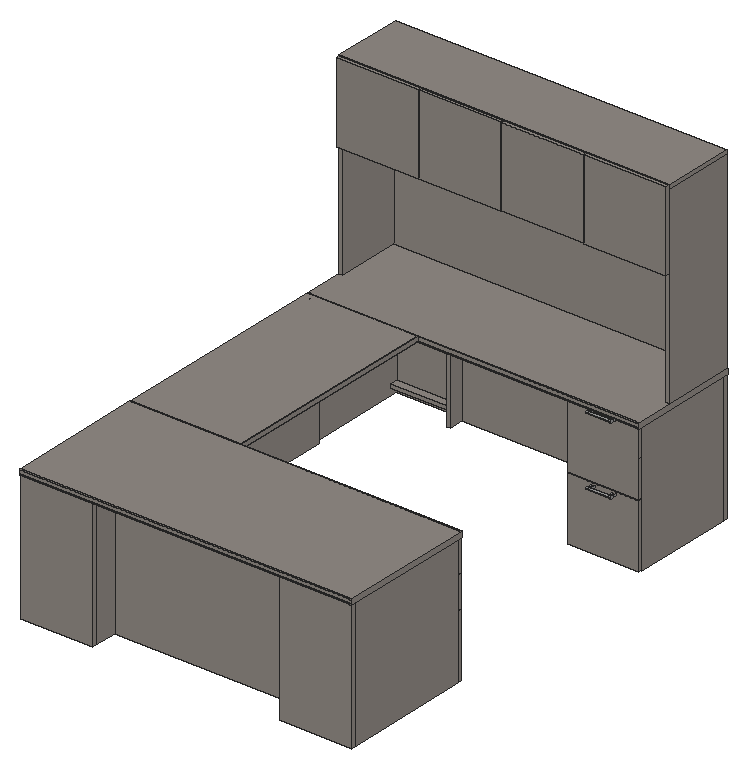
Revit family "JSI-Vision-Typical_Veneer-VSV119", category Furniture, Revit 2020
Family settings
  OmniClass Number = 23.40.20.00
  OmniClass Title = General Furniture and Specialties
  Work Plane-Based = No
  Always vertical = Yes
  Cut with Voids When Loaded = No
  Shared = No
  Room Calculation Point = No
Parameters (values of type "VSV119")
  URL = "www.jsifurniture.com"
  Type Comments = "Typical Veneer"  # constant formula
  Model = "VSV119"
  Manufacturer = "JSI"  # constant formula
  Keynote = "12500"
  Default Elevation = 0"
  Assembly Code = "E2020200"
Reference planes (in)
  plane 1 "Center Front/Back": y = 0
  plane 2: z = 0
  plane 3 "Center Left/Right": x = 0
Dimensions and locks (in)
  aligned and locked: level to plane 2
Nested families (in)
  nested 1: "JSI-Vision-Overhead_Cabinets" at (0, 0, -0.813), type "VSV1672SO, Veneer OH Cab. 16" x 72", 4 Doors"
    with Verticall Partition Distance 35 3/4", Unit Centre 36", Width 72", Door Width Actual 17 25/32", Door Array Spacing 17 29/32", Door Width 17 25/32", # of Doors 4
  nested 2: "JSI-Vision-File_File_Credenza" at (36.06413, -10.75, 0), type "VSV2472RC, Veneer 24 x 72 FF Ped Credenza Right"
    with Width 72", Panel R 23 1/16", Panel L 23 3/4", Panel FF 56 1/4", LR no, Height 30", Grommet angle 270.00°, Panel B 15", Grommet 56 79/128", Depth chassis 24", Depth 24", FF 56 5/16"
  nested 3: "JSI-Vision-Single_Pedestal_Desk-Break_Front_Modesty" at (35.93587, -91.25, 0) x (-1, 0, 0) z (0, 0, 1), type "VSV3072LD, Veneer 30 x 72 Left Ped Desk, Brk Frnt Modesty"
    with Width 72", Height 29.187", Panel FF 56 1/4"
  nested 4: "JSI-Vision-Bridge_Modesty_Panel" at (0, -72, 0) x (0, 1, 0) z (0, 0, 1), type "VSV2448EB, Bridge w/Modesty Panel 24"d x 48"w"
Definition of nested family "JSI-Vision-Overhead_Cabinets"
  Parameters (values of type "Overhead Cab. Doors - Type Catalog Family")
    Verticall Partition Distance = (Door Width * 2) + 3/16"  # 29 13/16"
    Unit Centre = Width / 2  # 45"
    Top = none
    Width = 90"
    URL = "www.jsifurniture.com"
    Type Comments = ""
    Tag = "6 Doors"
    Series = "Vision Casegoods"  # constant formula
    Right Vertical Partition = yes
    Overhead Height = 26 1/2"
    OH Elevation = 30"
    Model = "Type Catalog"
    Material = ""
    Manufacturer = "JSI"  # constant formula
    Left Vertical Partition = yes
    Keynote = "12500"  # constant formula
    JSI Enviromental Website = "http://www.jsifurniture.com/jsi_sustainability_intro.php"
    Height = 42"
    Grommet Finish = none
    Gromett Height = OH Elevation + 24 5/8"  # 54 5/8"
    Door Width Actual = if(# of Doors > 4, ((Width - 1 1/8") / # of Doors), if(# of Doors > 3, (((Width - 1 1/8") / # of Doors) + 1/16"), if(# of Doors > 2, (((Width - 1 1/8") / # of Doors) + 1/8"), (((Width - 1 1/8") / # of Doors) + 1/4"))))  # 14 13/16"
    Door Array Spacing = Door Width + 1/8"  # 14 15/16"
    Door Width = Door Width Actual  # 14 13/16"
    Door Front = none
    Description = "Type Catalog"
    Depth = 16"
    Default Elevation = 0"
    Chassis = none
    Assembly Code = "E2020200"
    # of Doors = if(Width > 89", 6, (if(Width > 53", 4, (if(Width > 41", 3, (if(Width > 30", 2, 2)))))))  # 6
  Reference planes (in)
    plane 1 "Center Front/Back": y = 0
    plane 2: z = 0
    plane 3 "Center Left/Right": x = 0
    plane 4 "a": z = 0
    plane 5: y = -0.125
    plane 6: x = 90
    plane 7: x = 0.125
    plane 8: x = 89.875
    plane 9: y = -15.5625
    plane 10: y = -16
    plane 11: z = 72.5
    plane 12: z = 72
    plane 13: x = 0.875
    plane 14: x = 89.125
    plane 15: y = -0.875
    plane 16: y = -0.9375
    plane 17: y = -1.6875
    plane 18: z = 71.75
    plane 19: z = 56.5
    plane 20: z = 57.25
    plane 21: z = 55
    plane 22: y = -14.8125
    plane 23: y = -14.0625
    plane 24: x = 0.25
    plane 25: x = 89.75
    plane 26: z = 72.4375
    plane 27: z = 55.1875
    plane 28: y = -15.6875
    plane 29: y = -16.4375
    plane 30: x = 45
    plane 31: x = 30.0625
    plane 32: x = 59.9375
    plane 33: x = 29.6875
    plane 34: x = 30.4375
    plane 35: x = 59.5625
    plane 36: x = 60.3125
    plane 37 "Not a Reference": x = 6.875
    plane 38: x = 83.125
    plane 39: z = 30
  Forms (in)
    Extrusion 1, solid, material <- "Chassis"
      sketch origin (0, 0, 0) x (1, 0, 0) y (0, 1, 0)
        loop
          line (0.125, -0.125) -> (0.125, -15.5625) -> (0.875, -15.5625) -> (0.875, -0.125) -> (0.125, -0.125)
      from 30 to 71.75
    Extrusion 2, solid, material <- "Chassis"
      sketch origin (0, 0, 0) x (1, 0, 0) y (0, 1, 0)
        loop
          line (89.875, -0.125) -> (89.125, -0.125) -> (89.125, -15.5625) -> (89.875, -15.5625) -> (89.875, -0.125)
      from 30 to 71.75
    Extrusion 3, solid, material <- "Door Front"
      sketch origin (0, 0, 0) x (1, 0, 0) y (0, 0, 1)
        loop
          line (0.125, 72.5) -> (0.125, 71.75) -> (89.875, 71.75) -> (89.875, 72.5) -> (0.125, 72.5)
      from 0.125 to 15.5625
    Extrusion 4, solid, material <- "Chassis"
      sketch origin (0, 0, 0) x (1, 0, 0) y (0, 0, 1)
        loop
          line (0.875, 57.25) -> (0.875, 56.5) -> (89.125, 56.5) -> (89.125, 57.25) -> (0.875, 57.25)
      from 1.6875 to 15.5625
    Extrusion 5, solid, material <- "Chassis"
      sketch origin (0, 0, 0) x (1, 0, 0) y (0, 1, 0)
        loop
          line (0.875, -14.0625) -> (0.875, -14.8125) -> (89.125, -14.8125) -> (89.125, -14.0625) -> (0.875, -14.0625)
      from 55 to 56.5
    Extrusion 6, solid, material <- "Door Front"
      sketch origin (-3, 0, 18) x (1, 0, 0) y (0, 1, 0)
        loop
          line (3.25, -15.6875) -> (3.25, -16.4375) -> (18.0625, -16.4375) -> (18.0625, -15.6875) -> (3.25, -15.6875)
      from 37.1875 to 54.4375
    Extrusion 7, solid, material <- "Door Front"
      sketch origin (11.9375, 0, 18) x (1, 0, 0) y (0, 1, 0)
        loop
          line (3.25, -15.6875) -> (3.25, -16.4375) -> (18.0625, -16.4375) -> (18.0625, -15.6875) -> (3.25, -15.6875)
      from 37.1875 to 54.4375
    Extrusion 8, solid, material <- "Chassis", visible <- "Left Vertical Partition"
      sketch origin (0, 0, 0) x (1, 0, 0) y (0, 1, 0)
        loop
          line (29.6875, -1.6875) -> (29.6875, -15.5625) -> (30.4375, -15.5625) -> (30.4375, -1.6875) -> (29.6875, -1.6875)
      from 57.25 to 71.75
    Extrusion 9, solid, material <- "Chassis", visible <- "Right Vertical Partition"
      sketch origin (0, 0, 0) x (1, 0, 0) y (0, 1, 0)
        loop
          line (59.5625, -1.6875) -> (59.5625, -15.5625) -> (60.3125, -15.5625) -> (60.3125, -1.6875) -> (59.5625, -1.6875)
      from 57.25 to 71.75
    Extrusion 10, solid, material <- "Chassis"
      sketch origin (130.61992, -0.9375, 48) x (1, 0, 0) y (0, 0, 1)
        loop
          line (-129.74492, 23.75) -> (-129.74492, -18) -> (-41.49492, -18) -> (-41.49492, 23.75) -> (-129.74492, 23.75)
        loop
          circle (-120.11946, 7.90657) r 0.33443
        loop
          circle (-51.12039, 7.90657) r 0.33443
      from 0 to 0.75
    Extrusion 11, solid, material <- "Door Front"
      sketch origin (26.875, 0, 18) x (1, 0, 0) y (0, 1, 0)
        loop
          line (3.25, -15.6875) -> (3.25, -16.4375) -> (18.0625, -16.4375) -> (18.0625, -15.6875) -> (3.25, -15.6875)
      from 37.1875 to 54.4375
    Extrusion 12, solid, material <- "Door Front"
      sketch origin (41.8125, 0, 18) x (1, 0, 0) y (0, 1, 0)
        loop
          line (3.25, -15.6875) -> (3.25, -16.4375) -> (18.0625, -16.4375) -> (18.0625, -15.6875) -> (3.25, -15.6875)
      from 37.1875 to 54.4375
    Extrusion 13, solid, material <- "Door Front"
      sketch origin (56.75, 0, 18) x (1, 0, 0) y (0, 1, 0)
        loop
          line (3.25, -15.6875) -> (3.25, -16.4375) -> (18.0625, -16.4375) -> (18.0625, -15.6875) -> (3.25, -15.6875)
      from 37.1875 to 54.4375
    Extrusion 14, solid, material <- "Door Front"
      sketch origin (71.6875, 0, 18) x (1, 0, 0) y (0, 1, 0)
        loop
          line (3.25, -15.6875) -> (3.25, -16.4375) -> (18.0625, -16.4375) -> (18.0625, -15.6875) -> (3.25, -15.6875)
      from 37.1875 to 54.4375
  Lines and regions (in)
    symbolic lines
      curve 1: line (0.125, -0.125, 0) -> (0.125, -15.5625, 0)
      curve 2: line (89.875, -0.125, 0) -> (0.125, -0.125, 0)
      curve 3: line (0.125, -15.5625, 0) -> (89.875, -15.5625, 0)
      curve 4: line (89.875, -15.5625, 0) -> (89.875, -0.125, 0)
      curve 5: line (0.25, -15.6875, 0) -> (15.0625, -15.6875, 0)
      curve 6: line (0.25, -16.4375, 0) -> (0.25, -15.6875, 0)
      curve 7: line (15.0625, -16.4375, 0) -> (0.25, -16.4375, 0)
      curve 8: line (15.0625, -15.6875, 0) -> (15.0625, -16.4375, 0)
      curve 9: line (15.1875, -15.6875, 0) -> (30, -15.6875, 0)
      curve 10: line (15.1875, -16.4375, 0) -> (15.1875, -15.6875, 0)
      curve 11: line (30, -16.4375, 0) -> (15.1875, -16.4375, 0)
      curve 12: line (30, -15.6875, 0) -> (30, -16.4375, 0)
      curve 13: line (30.125, -15.6875, 0) -> (44.9375, -15.6875, 0)
      curve 14: line (30.125, -16.4375, 0) -> (30.125, -15.6875, 0)
      curve 15: line (44.9375, -16.4375, 0) -> (30.125, -16.4375, 0)
      curve 16: line (44.9375, -15.6875, 0) -> (44.9375, -16.4375, 0)
      curve 17: line (45.0625, -15.6875, 0) -> (59.875, -15.6875, 0)
      curve 18: line (45.0625, -16.4375, 0) -> (45.0625, -15.6875, 0)
      curve 19: line (59.875, -16.4375, 0) -> (45.0625, -16.4375, 0)
      curve 20: line (59.875, -15.6875, 0) -> (59.875, -16.4375, 0)
      curve 21: line (60, -15.6875, 0) -> (74.8125, -15.6875, 0)
      curve 22: line (60, -16.4375, 0) -> (60, -15.6875, 0)
      curve 23: line (74.8125, -16.4375, 0) -> (60, -16.4375, 0)
      curve 24: line (74.8125, -15.6875, 0) -> (74.8125, -16.4375, 0)
      curve 25: line (74.9375, -15.6875, 0) -> (89.75, -15.6875, 0)
      curve 26: line (74.9375, -16.4375, 0) -> (74.9375, -15.6875, 0)
      curve 27: line (89.75, -16.4375, 0) -> (74.9375, -16.4375, 0)
      curve 28: line (89.75, -15.6875, 0) -> (89.75, -16.4375, 0)
  Dimensions and locks (in)
    plane 3 "Center Left/Right" to plane 7 to plane 24 = 1/8" locked, 1/8" locked
    plane 25 to plane 8 to plane 6 = 1/8" locked, 1/8" locked
    locked: plane 5 to plane 1 "Center Front/Back" at 0.125
    plane 10 to plane 9 to plane 22 to plane 23 = 7/16" locked, 3/4" locked, 3/4" locked
    "Width": plane 3 "Center Left/Right" to plane 6
    "Depth": plane 10 to plane 1 "Center Front/Back"
    locked: plane 11 to plane 12 at 0.5
    locked: plane 7 to plane 13 at 0.75
    locked: plane 14 to plane 8 at 0.75
    locked: plane 15 to plane 5 at 0.75
    plane 17 to plane 16 to plane 5 = 3/4" locked, 13/16" locked
    locked: plane 11 to plane 18 at 0.75
    plane 20 to plane 19 to plane 21 = 3/4" locked, 1 1/2" locked
    plane 18 to plane 20 = 14 1/2"
    locked: plane 11 to plane 26 at 0.0625
    locked: plane 27 to plane 21 at 0.1875
    plane 29 to plane 28 to plane 9 = 3/4" locked, 1/8" locked
    "Door Width": Extrusion 6 sketch curve to Extrusion 6 sketch curve
    "Door Width": Extrusion 7 sketch curve to Extrusion 7 sketch curve
    equal spacing: group 1, group 2, group 3, group 4, group 5, group 6  (x3)
    "Door Array Spacing": Extrusion 6 to Extrusion 7
    "Verticall Partition Distance": plane 24 to plane 31
    plane 33 to plane 31 to plane 34 = 3/8" locked, 3/8" locked
    plane 35 to plane 32 to plane 36 = 3/8" locked, 3/8" locked
    "Verticall Partition Distance": plane 32 to plane 25
    "Unit Centre": plane 3 "Center Left/Right" to plane 30
    locked: plane 13 to plane 37 "Not a Reference" at 6
    locked: plane 38 to plane 14 at 6
    "Door Width": Extrusion 11 sketch curve to Extrusion 11 sketch curve
    "Door Width": Extrusion 12 sketch curve to Extrusion 12 sketch curve
    "OH Elevation": plane 39 to plane 4 "a"
    "Height": plane 12 to plane 39
    "Overhead Height": plane 19 to plane 39
    "Door Width": Extrusion 13 sketch curve to Extrusion 13 sketch curve
    "Door Width": Extrusion 14 sketch curve to Extrusion 14 sketch curve
    locked: Extrusion 10 sketch curve to Extrusion 10 sketch curve at 9.62546  (x2)
    locked: Extrusion 10 sketch curve to Extrusion 10 sketch curve at 15.84343  (x2)
    aligned and locked: level to plane 2
    aligned and locked: plane 5 to Extrusion 1 sketch curve
    aligned and locked: plane 7 to Extrusion 1 sketch curve
    aligned and locked: Extrusion 1 sketch curve to plane 13
    aligned and locked: Extrusion 2 sketch curve to plane 5
    aligned and locked: plane 8 to Extrusion 2 sketch curve
    aligned and locked: Extrusion 2 sketch curve to plane 14
    aligned and locked: Extrusion 3 sketch curve to plane 11
    aligned and locked: plane 7 to Extrusion 3 sketch curve
    aligned and locked: Extrusion 3 to plane 5
    aligned and locked: plane 9 to Extrusion 1
    aligned and locked: plane 9 to Extrusion 2
    aligned and locked: plane 9 to Extrusion 3
    aligned and locked: Extrusion 4 sketch curve to plane 20
    aligned and locked: plane 13 to Extrusion 4 sketch curve
    aligned and locked: plane 19 to Extrusion 4 sketch curve
    aligned and locked: Extrusion 4 sketch curve to plane 14
    aligned and locked: Extrusion 4 to plane 17
    aligned and locked: plane 9 to Extrusion 4
    aligned and locked: plane 23 to Extrusion 5 sketch curve
    aligned and locked: plane 13 to Extrusion 5 sketch curve
    aligned and locked: Extrusion 5 sketch curve to plane 22
    aligned and locked: Extrusion 5 sketch curve to plane 14
    aligned and locked: plane 19 to Extrusion 5
    aligned and locked: Extrusion 5 to plane 21
    aligned and locked: plane 26 to Extrusion 6
    aligned and locked: Extrusion 6 to plane 24
    aligned and locked: plane 17 to Extrusion 8 sketch curve
    aligned and locked: plane 33 to Extrusion 8 sketch curve
    aligned and locked: Extrusion 8 sketch curve to plane 9
    aligned and locked: Extrusion 8 sketch curve to plane 34
    aligned and locked: plane 17 to Extrusion 9 sketch curve
    aligned and locked: plane 35 to Extrusion 9 sketch curve
    aligned and locked: Extrusion 9 sketch curve to plane 9
    aligned and locked: Extrusion 9 sketch curve to plane 36
    aligned and locked: plane 18 to Extrusion 8
    aligned and locked: Extrusion 8 to plane 20
    aligned and locked: plane 18 to Extrusion 9
    aligned and locked: Extrusion 9 to plane 20
    aligned and locked: Extrusion 1 to Extrusion 10 sketch curve
    aligned and locked: Extrusion 10 sketch curve to Extrusion 1
    aligned and locked: Extrusion 2 to Extrusion 10 sketch curve
    aligned and locked: Extrusion 10 to plane 16
    aligned and locked: plane 17 to Extrusion 10
    aligned and locked: plane 30 to nested 1
    aligned and locked: plane 29 to nested 1
    aligned and locked: plane 26 to Extrusion 7
    aligned and locked: plane 18 to Extrusion 1
    aligned and locked: plane 18 to Extrusion 2
    aligned and locked: Extrusion 6 to plane 27
    aligned and locked: curve 1 to Extrusion 3
    aligned and locked: curve 2 to Extrusion 3
    aligned and locked: curve 3 to Extrusion 3
    aligned and locked: curve 4 to Extrusion 3
    aligned and locked: Extrusion 1 to plane 39
    aligned and locked: Extrusion 2 to plane 39
    aligned and locked: curve 5 to Extrusion 6
    aligned and locked: curve 6 to Extrusion 6
    aligned and locked: curve 7 to Extrusion 6
    aligned and locked: curve 8 to Extrusion 6
    aligned and locked: curve 9 to Extrusion 7
    aligned and locked: curve 10 to Extrusion 7
    aligned and locked: curve 11 to Extrusion 7
    aligned and locked: curve 12 to Extrusion 7
    aligned and locked: curve 13 to Extrusion 11
    aligned and locked: curve 14 to Extrusion 11
    aligned and locked: curve 15 to Extrusion 11
    aligned and locked: curve 16 to Extrusion 11
    aligned and locked: curve 17 to Extrusion 12
    aligned and locked: curve 18 to Extrusion 12
    aligned and locked: curve 19 to Extrusion 12
    aligned and locked: curve 20 to Extrusion 12
    aligned and locked: curve 21 to Extrusion 13
    aligned and locked: curve 22 to Extrusion 13
    aligned and locked: curve 23 to Extrusion 13
    aligned and locked: curve 24 to Extrusion 13
    aligned and locked: curve 25 to Extrusion 14
    aligned and locked: curve 26 to Extrusion 14
    aligned and locked: curve 27 to Extrusion 14
    aligned and locked: curve 28 to Extrusion 14
  Automatic sketch dimensions
    Extrusion 1 sketch curve to plane 10 = 7/16"
    Extrusion 3 sketch curve to plane 8 = 0"
    Extrusion 3 sketch curve to plane 18 = 0"
    plane 9 to Extrusion 2 sketch curve = 0"
    Extrusion 6 sketch curve to Extrusion 6 sketch curve = 3/4"
    Extrusion 7 sketch curve to Extrusion 7 sketch curve = 3/4"
    Extrusion 11 sketch curve to Extrusion 11 sketch curve = 3/4"
    Extrusion 12 sketch curve to Extrusion 12 sketch curve = 3/4"
    curve 6 to curve 7 = 14 13/16"
    curve 6 to curve 6 = 3/4"
    curve 10 to curve 11 = 14 13/16"
    curve 10 to curve 10 = 3/4"
    curve 14 to curve 15 = 14 13/16"
    curve 14 to curve 14 = 3/4"
    curve 18 to curve 19 = 14 13/16"
    curve 18 to curve 18 = 3/4"
    Extrusion 13 sketch curve to Extrusion 13 sketch curve = 3/4"
    curve 22 to curve 23 = 14 13/16"
    curve 22 to curve 22 = 3/4"
    Extrusion 14 sketch curve to Extrusion 14 sketch curve = 3/4"
    curve 26 to curve 27 = 14 13/16"
    curve 26 to curve 26 = 3/4"
    Extrusion 10 sketch curve to plane 39 = 0"
    radius of Extrusion 10 sketch curve = 0.33443"  (x2)
  Nested families (in)
    nested 1: "Label 1-16 OH" at (45, -16.4375, 0), type "OH DOORS"
  Definition of nested family "Label 1-16 OH"
    Parameters
      Width = 1"
      Model Name = "XX"
    Reference planes (in)
      plane 1: y = 0
      plane 2: x = 0
    Text (in)
      label "XX" at (0.00051, -0.12324, 0), shows "Model Name"
Definition of nested family "JSI-Vision-File_File_Credenza"
  Parameters (values of type "Type Catalog")
    Worksurface = none
    Width = 60"
    URL = "www.jsifurniture.com"
    Type Comments = ""
    Tag = "FF"  # constant formula
    Series = "Vision Casegoods"  # constant formula
    Pull Finish = none
    Panel R = if(LR, Depth - 1/4", Depth - 15/16")  # 19 3/4"
    Panel L = if(LR, Depth - 15/16", Depth - 1/4")  # 19 1/16"
    Panel FF = if(LR, 15", Width - 15 3/4")  # 15"
    Model = "Type Catalog"
    Material = ""
    Manufacturer = "JSI"  # constant formula
    LR = yes
    Keynote = "12500"
    JSI Enviromental Website = "http://www.jsifurniture.com/jsi_sustainability_intro.php"
    Height = 29 3/16"
    Grommet angle = if(LR, 90.00°, 270.00°)  # 90.00°
    Grommet Finish = none
    Panel B = if(LR, Width - 15 3/4", 15")  # 44 1/4"
    Grommet = if(LR, 14 1/2", Width - 15 49/128")  # 14 1/2"
    Drawer Front = none
    Description = "Type Catalog"
    Depth chassis = Depth  # 20"
    Depth = 20"
    Default Elevation = 0"
    Chassis = none
    FF = if(LR, 3/16", Width - 15 3/4" + 1/16")  # 3/16"
    Assembly Code = "E2020200"
  Reference planes (in)
    plane 1: z = 0
    plane 2 "Center (Left/Right)": x = -36.06413
    plane 3: z = 29.1875
    plane 4: z = 28
    plane 5: y = -9.25
    plane 6 "Center (Front/Back)": y = 10.75
    plane 7: y = 10.625
    plane 8: y = 10.75
    plane 9: x = -6.06413
    plane 10: x = 23.93587
    plane 11: y = 10.56003
    plane 12: x = -20.31413
    plane 13: x = 8.18587
    plane 14: y = -8.37
    plane 15: x = 15.93587
    plane 16: x = -28.12663
    plane 17: x = 23.81086
    plane 18: x = -35.93913
    plane 19: y = 8.875
    plane 20: y = 4.875
    plane 21: y = 9.8125
    plane 22: y = -8.31113
    plane 23: x = 8.18587
    plane 24: x = -35.87663
    plane 25: x = -20.37636
    plane 26: x = 23.68487
    plane 27: x = -21.56413
    plane 28: y = 6.875
    plane 29: y = -9
    plane 30: y = -8.3125
  Forms (in)
    Extrusion 1, solid, material <- "Worksurface"
      sketch origin (0, 0, -0.8125) x (1, 0, 0) y (0, 1, 0)
        loop
          line (-36.06413, -9.125) -> (23.93587, -9.125) -> (23.93587, 10.625) -> (-36.06413, 10.625) -> (-36.06413, -9.125)
      from 28.8125 to 30
    Extrusion 2, solid, material <- "Drawer Front"
      sketch origin (-0.00163, 0.13, 0) x (1, 0, 0) y (0, 0, 1)
        loop
          line (-35.875, 27.875) -> (-35.875, 21.26593) -> (-35.875, 14.062) -> (-20.37473, 14.062) -> (-20.37473, 21.26593) -> (-20.37473, 27.875) -> (-35.875, 27.875)
        loop
          line (-35.875, 13.937) -> (-35.875, 0.14) -> (-20.37473, 0.14) -> (-20.37473, 13.937) -> (-35.875, 13.937)
      from 8.5 to 9.25
    Extrusion 3, solid, material <- "Chassis"
      sketch origin (-0.06413, 0, 0) x (0, 1, 0) y (0, 0, 1)
        loop
          line (-8.3125, 28) -> (-8.3125, 0) -> (9.81003, 0) -> (9.81003, 28) -> (-8.3125, 28)
      from -35.875 to -35.125
    Extrusion 4, solid, material <- "Chassis"
      sketch origin (-0.06413, 0.034, 0) x (1, 0, 0) y (0, 0, 1)
        loop
          line (-35.125, 1.9375) -> (-35.125, 0) -> (-21, 0) -> (-21, 1.9375) -> (-35.125, 1.9375)
      from 7.59513 to 8.34513
    Extrusion 5, solid, material <- "Chassis"
      sketch origin (-0.06029, 0, 0) x (0, 1, 0) y (0, 0, -1)
        loop
          line (-9, -28) -> (9.8125, -28) -> (9.8125, 0) -> (-9, 0) -> (-9, -28)
      from -23.87116 to -23.12116
    Sweep 6, solid, material <- "Worksurface"
      path in 3D
        loop
          line (-36.06413, -9.125, 29.1875) -> (23.93587, -9.125, 29.1875)
      profile origin (-6.06413, -9.125, 29.1875) x (0, 1, 0) y (0, 0, 1)
        loop
          arc (0, 0) -> (-0.08839, -0.03661) -> (-0.125, -0.125) r 0.125
          line (-0.125, -0.125) -> (-0.125, -1.0625)
          arc (-0.125, -1.0625) -> (-0.08839, -1.15089) -> (0, -1.1875) r 0.125
          line (0, -1.1875) -> (0, 0)
    Extrusion 7, solid, material <- "Chassis"
      sketch origin (-0.06413, 28.15516, 0) x (1, 0, 0) y (0, 0, 1)
        loop
          line (-35.875, 28) -> (-35.875, 0) -> (-20.25, 0) -> (-20.25, 28) -> (-35.875, 28)
      from 17.59513 to 18.34266
    Extrusion 8, solid, material <- "Chassis"
      sketch origin (57.45899, 0, 0) x (0, 1, 0) y (0, 0, -1)
        loop
          line (-8.31113, -28) -> (9.8125, -28) -> (9.8125, 0) -> (-8.31113, 0) -> (-8.31113, -28)
      from 77.77312 to 78.52312
    Extrusion 9, solid, material <- "Chassis"
      sketch origin (-0.06413, 28.15516, 0) x (-1, 0, 0) y (0, 0, -1)
        loop
          line (-23.875, -28) -> (-8.25, -28) -> (-8.25, 0) -> (-23.875, 0) -> (-23.875, -28)
      from 17.59513 to 18.34266
    Sweep 10, solid, material <- "Worksurface"
      path in 3D
        loop
          line (23.93587, 10.625, 29.1875) -> (-36.06413, 10.625, 29.1875)
      profile origin (-6.06413, 10.625, 29.1875) x (0, -1, 0) y (0, 0, 1)
        loop
          arc (0, 0) -> (-0.08839, -0.03661) -> (-0.125, -0.125) r 0.125
          line (-0.125, -0.125) -> (-0.125, -1.0625)
          arc (-0.125, -1.0625) -> (-0.08839, -1.15089) -> (0, -1.1875) r 0.125
          line (0, -1.1875) -> (0, 0)
    Extrusion 11, solid, material <- "Chassis"
      sketch origin (0, 0, 0) x (1, 0, 0) y (0, 0, 1)
        loop
          line (8.93587, 2.5) -> (8.93587, 1.75) -> (23.06086, 1.75) -> (23.06086, 2.5) -> (8.93587, 2.5)
      from -9.8125 to -7.9375
    Extrusion 12, solid, material <- "Chassis"
      sketch origin (0, 0, 0) x (0, 1, 0) y (0, 0, 1)
        loop
          line (9.8125, 28) -> (5.875, 28) -> (5.875, 0) -> (9.8125, 0) -> (9.8125, 28)
      from 8.18587 to 8.93587
    Extrusion 13, solid, material <- "Chassis"
      sketch origin (-12.12827, 0, 0) x (-1, 0, 0) y (0, 0, -1)
        loop
          line (8.93587, -2.5) -> (23.06086, -2.5) -> (23.06086, -1.75) -> (8.93587, -1.75) -> (8.93587, -2.5)
      from -9.8125 to -7.9375
    Extrusion 14, solid, material <- "Chassis"
      sketch origin (0, 0.03248, 0) x (1, 0, 0) y (0, 0, 1)
        loop
          line (-6.49921, 28) -> (-20.31413, 28) -> (-20.31413, 0) -> (8.18587, 0) -> (8.18587, 28) -> (-6.49921, 28)
      from -9.78002 to -9.03002
  Cuts and joins
    joined: Extrusion 1, Sweep 6, Sweep 10
  Lines and regions (in)
    sketch lines
      curve 1: line (-36.06413, -9.125, 29.1875) -> (23.93587, -9.125, 29.1875)
      curve 10: line (23.93587, 10.625, 29.1875) -> (-36.06413, 10.625, 29.1875)
    symbolic lines
      curve 2: line (23.93587, -9.25, 0) -> (-36.06413, -9.25, 0)
      curve 3: line (23.93587, -9.25, 0) -> (23.93587, 10.75, 0)
      curve 4: line (-36.06413, 10.75, 0) -> (-36.06413, -9.25, 0)
      curve 5: line (-20.31413, 10.56003, 0) -> (-35.93913, 10.56003, 0)
      curve 6: line (-20.37636, -8.37, 0) -> (-35.87663, -8.37, 0)
      curve 7: line (-20.37636, -9.12, 0) -> (-20.37636, -8.37, 0)
      curve 8: line (-35.87663, -9.12, 0) -> (-20.37636, -9.12, 0)
      curve 9: line (-35.87663, -8.37, 0) -> (-35.87663, -9.12, 0)
      curve 11: line (-36.06413, 10.75, 0) -> (23.93587, 10.75, 0)
      curve 12: line (-20.31413, -8.31113, 0) -> (-20.31413, 9.8125, 0)
      curve 13: line (-21.06413, -8.31113, 0) -> (-20.31413, -8.31113, 0)
      curve 14: line (23.81086, 10.56003, 0) -> (8.18587, 10.56003, 0)
      curve 15: line (8.18587, 10.56003, 0) -> (8.18587, 9.8125, 0)
      curve 16: line (8.18587, 9.8125, 0) -> (8.18587, 5.875, 0)
      curve 17: line (8.18587, 5.875, 0) -> (8.93587, 5.875, 0)
      curve 18: line (8.93587, 5.875, 0) -> (8.93587, 9.8125, 0)
      curve 19: line (-35.93913, -8.3125, 0) -> (-35.18913, -8.3125, 0)
      curve 20: line (-35.18913, -8.3125, 0) -> (-35.18913, 9.8125, 0)
      curve 21: line (-35.93913, 10.56003, 0) -> (-35.93913, -8.3125, 0)
      curve 22: line (23.06086, 9.8125, 0) -> (23.06086, -9, 0)
      curve 23: line (23.81086, -9, 0) -> (23.81086, 10.56003, 0)
      curve 24: line (23.06086, -9, 0) -> (23.81086, -9, 0)
      curve 25: line (-20.31413, 9.8125, 0) -> (-20.31413, 10.56003, 0)
      curve 26: line (-21.06413, 9.8125, 0) -> (-21.06413, -8.31113, 0)
      curve 27: line (23.81086, 9.8125, 0) -> (-35.93913, 9.8125, 0)
  Dimensions and locks (in)
    "Height": plane 3 to level
    locked: plane 3 to plane 4 at 1.1875
    "Depth": plane 6 "Center (Front/Back)" to plane 5
    locked: plane 7 to plane 6 "Center (Front/Back)" at 0.125
    equal spacing: plane 2 "Center (Left/Right)", plane 9, plane 10
    "Width": plane 2 "Center (Left/Right)" to plane 10
    locked: plane 8 to plane 11 at 0.18997
    "Depth chassis": plane 8 to plane 5
    locked: plane 2 "Center (Left/Right)" to plane 12 at 15.75
    locked: plane 13 to plane 10 at 15.75
    locked: Extrusion 4 to plane 14 at 0.80887
    locked: plane 14 to plane 5 at 0.88
    locked: plane 17 to plane 10 at 0.125
    locked: Extrusion 5 to Extrusion 5 at 0.75
    locked: Extrusion 3 to Extrusion 3 at 0.75
    locked: plane 19 to plane 20 at 4
    plane 22 to plane 5 = 0.93887"
    locked: plane 8 to plane 21 at 0.9375
    "Panel B": plane 2 "Center (Left/Right)" to plane 23
    locked: plane 23 to plane 15 at 7.75
    "FF": plane 2 "Center (Left/Right)" to plane 24
    locked: Extrusion 4 to Extrusion 4 at 0.75
    locked: plane 24 to plane 16 at 7.75
    locked: Extrusion 2 to Extrusion 2 at 0.75
    plane 8 to plane 20 = 5 7/8"
    Extrusion 7 to Extrusion 7 = 0.74753"
    Extrusion 8 to Extrusion 8 = 3/4"
    Extrusion 9 to Extrusion 9 = 0.74753"
    locked: plane 24 to plane 25 at 15.50027
    locked: plane 23 to plane 26 at 15.499
    plane 24 to Extrusion 4 to Extrusion 4 = 11/16" locked, 14 1/8" locked
    "Panel FF": plane 2 "Center (Left/Right)" to Extrusion 8
    locked: Extrusion 8 to Extrusion 8 at 0.75
    "Grommet": plane 2 "Center (Left/Right)" to plane 27
    equal spacing: plane 19, plane 28, plane 20
    "Panel B": plane 2 "Center (Left/Right)" to Extrusion 12
    locked: Extrusion 12 to Extrusion 12 at 3.9375
    locked: Extrusion 12 to Extrusion 12 at 0.75
    locked: Extrusion 11 to Extrusion 11 at 14.125
    locked: Extrusion 13 to Extrusion 13 at 14.125  (x2)
    locked: Extrusion 14 to Extrusion 14 at 0.75
    "Panel R": plane 29 to plane 6 "Center (Front/Back)"
    "Panel L": plane 8 to plane 30
    Extrusion 2 sketch curve to Extrusion 2 sketch curve to Extrusion 2 sketch curve to plane 1 = 1/8", 13.797", 0.14" locked
    locked: plane 4 to Extrusion 2 sketch curve at 0.125
    locked: nested 1 to plane 1 at 13.18529
    locked: plane 4 to nested 2 at 0.875
    locked: plane 3 to plane 1 at 29.1875
    aligned and locked: level to plane 1
    aligned and locked: Extrusion 3 to Extrusion 4
    aligned and locked: plane 17 to Extrusion 5
    aligned and locked: Extrusion 3 to plane 18
    aligned and locked: Extrusion 4 to plane 22
    aligned and locked: Extrusion 4 to level
    aligned and locked: nested 2 to plane 16
    aligned and locked: nested 1 to plane 16
    aligned and locked: Extrusion 7 to plane 12
    aligned and locked: plane 4 to Extrusion 7
    aligned and locked: Extrusion 7 to plane 18
    aligned and locked: plane 18 to Extrusion 3
    aligned and locked: plane 11 to Extrusion 7
    aligned and locked: plane 22 to Extrusion 4
    aligned and locked: Extrusion 8 to plane 22
    aligned and locked: Extrusion 9 to plane 13
    aligned and locked: plane 17 to Extrusion 9
    aligned and locked: Extrusion 5 to plane 17
    aligned and locked: curve 5 to Extrusion 7
    aligned and locked: Extrusion 1 to plane 7
    aligned and locked: plane 11 to Extrusion 9
    aligned and locked: curve 3 to cut or joined group of Extrusion 1, Sweep 6, Sweep 10
    aligned and locked: curve 12 to Extrusion 8
    aligned and locked: curve 13 to Extrusion 8
    aligned and locked: plane 21 to Extrusion 9
    aligned and locked: plane 21 to Extrusion 12
    aligned and locked: plane 21 to Extrusion 11
    aligned and locked: Extrusion 11 to Extrusion 5
    aligned and locked: Extrusion 13 to Extrusion 3
    aligned and locked: curve 14 to Extrusion 9
    aligned and locked: curve 15 to Extrusion 9
    aligned and locked: Extrusion 12 to curve 16
    aligned and locked: curve 17 to Extrusion 12
    aligned and locked: curve 18 to Extrusion 12
    aligned and locked: Extrusion 3 to plane 30
    aligned and locked: curve 19 to Extrusion 3
    aligned and locked: curve 20 to Extrusion 3
    aligned and locked: curve 21 to Extrusion 3
    aligned and locked: Extrusion 5 to plane 29
    aligned and locked: curve 22 to Extrusion 5
    aligned and locked: curve 23 to Extrusion 5
    aligned and locked: curve 24 to Extrusion 5
    aligned and locked: curve 25 to Extrusion 7
    aligned and locked: plane 21 to Extrusion 8
    aligned and locked: plane 21 to Extrusion 5
    aligned and locked: Extrusion 7 to plane 21
    aligned and locked: curve 26 to Extrusion 8
    aligned and locked: nested 3 to plane 16
    aligned and locked: nested 3 to plane 5
    aligned and locked: curve 27 to Extrusion 14
    aligned and locked: plane 14 to Extrusion 2
    aligned and locked: Extrusion 2 to plane 14
    aligned and locked: Extrusion 2 to nested 1
    aligned and locked: Extrusion 2 to nested 2
  Automatic sketch dimensions
    Extrusion 1 sketch curve to plane 2 "Center (Left/Right)" = 0"
    Extrusion 1 sketch curve to plane 10 = 0"
    plane 7 to Extrusion 1 sketch curve = 0"
    plane 5 to Extrusion 1 sketch curve = 1/8"
    Extrusion 2 sketch curve to plane 24 = 0"  (x2)
    Extrusion 2 sketch curve to plane 25 = 0"  (x2)
    Extrusion 2 sketch curve to plane 4 = 6.73407"  (x2)
    Extrusion 3 sketch curve to plane 4 = 0"
    Extrusion 3 sketch curve to plane 22 = 0.00137"
    Extrusion 3 sketch curve to level = 0"
    Extrusion 3 sketch curve to plane 21 = 0.00247"
    Extrusion 4 sketch curve to level = 0"
    plane 27 to Extrusion 4 sketch curve = 13 5/8"
    Extrusion 4 sketch curve to plane 25 = 0.68777"
    level to Extrusion 4 sketch curve = 1 15/16"
    Extrusion 5 sketch curve to plane 4 = 0"
    Extrusion 5 sketch curve to plane 22 = 0.68887"
    Extrusion 5 sketch curve to level = 0"
    Extrusion 5 sketch curve to plane 21 = 0"
    Sweep 6 sketch curve to profile plane = 0"  (x2)
    profile plane to Sweep 6 sketch curve = 1/8"
    Sweep 6 sketch curve to Sweep 6 sketch curve = 15/16"
    Extrusion 7 sketch curve to level = 0"
    plane 18 to Extrusion 7 sketch curve = 0"
    plane 12 to Extrusion 7 sketch curve = 0"
    Extrusion 7 sketch curve to plane 4 = 0"
    Extrusion 8 sketch curve to plane 22 = 0"
    Extrusion 8 sketch curve to level = 0"
    Extrusion 8 sketch curve to plane 21 = 0"
    Extrusion 9 sketch curve to level = 0"
    Extrusion 9 sketch curve to plane 17 = 0"
    Extrusion 9 sketch curve to plane 13 = 0"
    Extrusion 9 sketch curve to plane 4 = 0"
    Sweep 10 sketch curve to profile plane = 0"  (x2)
    profile plane to Sweep 10 sketch curve = 1/8"
    Sweep 10 sketch curve to Sweep 10 sketch curve = 15/16"
    Extrusion 11 sketch curve to plane 27 = 30 1/2"
    plane 25 to Extrusion 11 sketch curve = 43.43723"
    level to Extrusion 11 sketch curve = 1 3/4"
    Extrusion 11 sketch curve to Extrusion 11 sketch curve = 3/4"
    Extrusion 12 sketch curve to level = 0"
    Extrusion 12 sketch curve to plane 21 = 0"
    Extrusion 12 sketch curve to plane 28 = 1"
    plane 4 to Extrusion 12 sketch curve = 0"
    Extrusion 13 sketch curve to plane 23 = 29 1/4"
    Extrusion 13 sketch curve to plane 18 = 3/4"
    level to Extrusion 13 sketch curve = 2 1/2"
    Extrusion 13 sketch curve to Extrusion 13 sketch curve = 3/4"
    Extrusion 14 sketch curve to level = 0"
    Extrusion 14 sketch curve to plane 4 = 0"
    Extrusion 14 sketch curve to plane 13 = 0"
    plane 9 to Extrusion 14 sketch curve = 0.43507"
    plane 12 to Extrusion 14 sketch curve = 0"
    curve 2 to plane 2 "Center (Left/Right)" = 0"
    curve 27 to plane 18 = 0"
    curve 9 to plane 14 = 0"
    curve 9 to plane 24 = 0"
    curve 20 to plane 30 = 0"
    curve 26 to plane 22 = 0"
    curve 7 to plane 25 = 0"
    curve 5 to plane 11 = 0"
    curve 5 to plane 12 = 0"
    curve 16 to plane 23 = 0"
    curve 15 to plane 11 = 0"
    curve 15 to plane 13 = 0"
    curve 24 to plane 29 = 0"
    curve 24 to plane 17 = 0"
    curve 2 to plane 5 = 0"
    plane 6 "Center (Front/Back)" to curve 11 = 0"
    plane 24 to curve 20 = 11/16"
    curve 26 to plane 27 = 1/2"
    plane 12 to curve 13 = 0"
    plane 13 to curve 17 = 3/4"
    curve 24 to plane 26 = 0.624"
    curve 8 to plane 29 = 0.12"
    curve 17 to plane 28 = 1"
    curve 25 to plane 21 = 0"
    Extrusion 8 sketch curve to plane 4 = 0"
  Nested families (in)
    nested 1: "Bar Pull" at (-28.12663, -9.12, 13.18529), Pull Finish <- "Pull Finish", type "PL"
      with Pull Finish none
    nested 2: "Bar Pull" at (-28.12663, -9.12, 27.125), Pull Finish <- "Pull Finish", type "PL"
      with Pull Finish none
    nested 3: "Label 1-16-FF" at (-28.12663, -9.25, 0), type "DRWCFG"
  Definition of nested family "Bar Pull"
    Parameters
      Pull Finish [instance] = none
      Default Elevation = 0"
    Reference planes (in)
      plane 1 "Center Front/Back": y = 0
      plane 2: z = 0
      plane 3 "Center Left/Right": x = 0
      plane 4: x = -2.68731
      plane 5: x = -1.88731
      plane 6: x = 2.68731
      plane 7: x = 1.88731
      plane 8: y = -1
      plane 9: y = -0.85202
    Forms (in)
      Extrusion 1, solid, material <- "Pull Finish"
        sketch origin (0, 0, 0) x (0, 1, 0) y (0, 0, 1)
          loop
            line (0, -0.2015) -> (0, 0.2015) -> (-0.85202, 0.2015)
            arc (-0.85202, 0.2015) -> (-0.75, 0) -> (-0.85202, -0.2015) r 0.25
            line (-0.85202, -0.2015) -> (0, -0.2015)
        from 1.88731 to 2.68731
      Extrusion 2, solid, material <- "Pull Finish"
        sketch origin (0, 0, 0) x (0, 1, 0) y (0, 0, 1)
          loop
            circle (-1, 0) r 0.25
        from -2.68731 to 2.68731
      Extrusion 3, solid, material <- "Pull Finish"
        sketch origin (0, 0, 0) x (0, 1, 0) y (0, 0, -1)
          loop
            line (0, 0.2015) -> (-0.85202, 0.2015)
            arc (-0.85202, 0.2015) -> (-0.75, 0) -> (-0.85202, -0.2015) r 0.25
            line (-0.85202, -0.2015) -> (0, -0.2015) -> (0, 0.2015)
        from 1.88731 to 2.68731
    Dimensions and locks (in)
      plane 4 to plane 5 to plane 3 "Center Left/Right" to plane 7 to plane 6 = 0.8" locked, 1.88731" locked, 1.88731" locked, 0.8" locked
      plane 8 to plane 9 to plane 1 "Center Front/Back" = 0.14798" locked, 0.85202" locked
      aligned and locked: level to plane 2
      aligned and locked: plane 4 to Extrusion 3
      aligned and locked: Extrusion 3 to plane 5
      aligned and locked: plane 4 to Extrusion 2
      aligned and locked: Extrusion 1 to plane 7
      aligned and locked: plane 6 to Extrusion 1
      aligned and locked: plane 6 to Extrusion 2
      aligned and locked: plane 8 to Extrusion 2 sketch curve
      aligned and locked: Extrusion 3 to plane 1 "Center Front/Back"
      aligned and locked: Extrusion 1 to plane 1 "Center Front/Back"
      aligned and locked: plane 5 to Extrusion 3
      aligned and locked: Extrusion 3 to plane 4
      aligned and locked: Extrusion 2 to plane 4
      aligned and locked: plane 7 to Extrusion 1
      aligned and locked: Extrusion 1 to plane 6
      aligned and locked: Extrusion 2 to plane 6
  Definition of nested family "Label 1-16-FF"
    Parameters
      Width = 1"
      Model Name = "FF"
    Reference planes (in)
      plane 1: y = 0
      plane 2: x = 0
    Text (in)
      label "XX" at (0.00051, -0.12324, 0), shows "Model Name"
Definition of nested family "JSI-Vision-Single_Pedestal_Desk-Break_Front_Modesty"
  Parameters (values of type "Sngl Ped Desk, Brk Frnt Mod - Type Catalog Family")
    Worksurface = none
    Width = 66"
    URL = "www.jsifurniture.com"
    Type Comments = ""
    Series = "Vision Casegoods"  # constant formula
    Pull Finish = none
    Panel BBF = if(LR, 15", Width - 15 3/4")  # 15"
    Model = "Type Catalog"
    Material = ""
    Manufacturer = "JSI"  # constant formula
    LR = yes
    Keynote = "12500"
    JSI Enviromental Website = "http://www.jsifurniture.com/jsi_sustainability_intro.php"
    Height = 29 3/16"
    Grommet angle = if(LR, 90.00°, 270.00°)  # 90.00°
    Grommet Finish = none
    Panel FF = if(LR, Width - 15 3/4", 15")  # 50 1/4"
    Grommet = if(LR, 14 1/2", Width - 15 49/128")  # 14 1/2"
    Drawer Front = none
    Description = "Type Catalog"
    Depth chassis = 30"  # constant formula
    Depth = 30"
    Default Elevation = 0"
    Chassis = none
    BBF = if(LR, 3/16", Width - 15 3/4")  # 3/16"
    Assembly Code = "E2020200"
  Reference planes (in)
    plane 1: z = 0
    plane 2 "Center (Left/Right)": x = -36.06413
    plane 3: z = 29.1875
    plane 4: z = 28
    plane 5: y = -19.25
    plane 6 "Center (Front/Back)": y = 10.75
    plane 7: y = 10.625
    plane 8: y = 10.75
    plane 9: x = -3.06413
    plane 10: x = 29.93587
    plane 11: y = 10.56003
    plane 12: x = -20.31413
    plane 13: x = 14.18587
    plane 14: y = -18.37
    plane 15: x = 21.93587
    plane 16: x = -28.12663
    plane 17: x = 29.81086
    plane 18: x = -35.93913
    plane 19: y = 3.55952
    plane 20: y = -0.44048
    plane 21: y = 4.56363
    plane 22: y = -18.31113
    plane 23: x = 14.18587
    plane 24: x = -35.87663
    plane 25: x = -20.37636
    plane 26: x = 29.68487
    plane 27: x = -21.56413
  Forms (in)
    Extrusion 1, solid, material <- "Worksurface"
      sketch origin (0, 0, -0.8125) x (1, 0, 0) y (0, 1, 0)
        loop
          line (-36.06413, -19.125) -> (29.93587, -19.125) -> (29.93587, 10.625) -> (-36.06413, 10.625) -> (-36.06413, -19.125)
      from 28.8125 to 30
    Extrusion 2, solid, material <- "Chassis"
      sketch origin (0, 3.75, 0) x (1, 0, 0) y (0, 1, 0)
        loop
          line (-20.31413, 0.81363) -> (-20.31413, 0.06363) -> (14.18587, 0.06363) -> (14.18587, 0.81363) -> (-20.31413, 0.81363)
      from 0 to 28
    Extrusion 3, solid, material <- "Drawer Front"
      sketch origin (-0.00163, 0.13, 0) x (1, 0, 0) y (0, 0, 1)
        loop
          line (-35.875, 27.89092) -> (-35.875, 21.04768) -> (-20.37473, 21.04768) -> (-20.37473, 27.89092) -> (-35.875, 27.89092)
        loop
          line (-35.875, 20.92218) -> (-35.875, 14.07843) -> (-20.37473, 14.07843) -> (-20.37473, 20.92218) -> (-35.875, 20.92218)
        loop
          line (-35.875, 13.95343) -> (-35.875, 0.14093) -> (-20.37473, 0.14093) -> (-20.37473, 13.95343) -> (-35.875, 13.95343)
      from 18.5 to 19.25
    Extrusion 4, solid, material <- "Chassis"
      sketch origin (-0.06413, 0, 0) x (0, 1, 0) y (0, 0, 1)
        loop
          line (-18.31113, 28) -> (-18.31113, 0) -> (9.81003, 0) -> (9.81003, 28) -> (-18.31113, 28)
      from -35.875 to -35.125
    Extrusion 5, solid, material <- "Chassis"
      sketch origin (-0.06413, 0.034, 0) x (1, 0, 0) y (0, 0, 1)
        loop
          line (-35.125, 1.9375) -> (-35.125, 0) -> (-21, 0) -> (-21, 1.9375) -> (-35.125, 1.9375)
      from 17.59513 to 18.34513
    Extrusion 6, solid, material <- "Chassis"
      sketch origin (-0.06029, 0, 0) x (0, 1, 0) y (0, 0, -1)
        loop
          line (-18.31113, -28) -> (9.81003, -28) -> (9.81003, 0) -> (-18.31113, 0) -> (-18.31113, -28)
      from -29.87116 to -29.12116
    Sweep 7, solid, material <- "Worksurface"
      path in 3D
        loop
          line (-36.06413, -19.125, 29.1875) -> (29.93587, -19.125, 29.1875)
      profile origin (-3.06413, -19.125, 29.1875) x (0, 1, 0) y (0, 0, 1)
        loop
          arc (0, 0) -> (-0.08839, -0.03661) -> (-0.125, -0.125) r 0.125
          line (-0.125, -0.125) -> (-0.125, -1.0625)
          arc (-0.125, -1.0625) -> (-0.08839, -1.15089) -> (0, -1.1875) r 0.125
          line (0, -1.1875) -> (0, 0)
    Extrusion 8, solid, material <- "Chassis"
      sketch origin (-0.06413, 28.15516, 0) x (1, 0, 0) y (0, 0, 1)
        loop
          line (-35.875, 28) -> (-35.875, 0) -> (-20.25, 0) -> (-20.25, 28) -> (-35.875, 28)
      from 17.59513 to 18.34513
    Extrusion 9, solid, material <- "Chassis"
      sketch origin (57.45899, 0, 0) x (0, 1, 0) y (0, 0, -1)
        loop
          line (-18.31113, -28) -> (9.81003, -28) -> (9.81003, 0) -> (-18.31113, 0) -> (-18.31113, -28)
      from 77.77312 to 78.52312
    Extrusion 10, solid, material <- "Chassis"
      sketch origin (-0.06413, 28.15516, 0) x (-1, 0, 0) y (0, 0, -1)
        loop
          line (-29.875, -28) -> (-14.25, -28) -> (-14.25, 0) -> (-29.875, 0) -> (-29.875, -28)
      from 17.59513 to 18.34513
    Extrusion 11, solid, material <- "Chassis"
      sketch origin (56.05703, 0, 0) x (0, 1, 0) y (0, 0, 1)
        loop
          line (2.81363, 28) -> (2.81363, 0) -> (9.81003, 0) -> (9.81003, 28) -> (2.81363, 28)
      from -41.87116 to -41.12116
    Sweep 12, solid, material <- "Worksurface"
      path in 3D
        loop
          line (29.93587, 10.625, 29.1875) -> (-36.06413, 10.625, 29.1875)
      profile origin (-3.06413, 10.625, 29.1875) x (0, -1, 0) y (0, 0, 1)
        loop
          arc (0, 0) -> (-0.08839, -0.03661) -> (-0.125, -0.125) r 0.125
          line (-0.125, -0.125) -> (-0.125, -1.0625)
          arc (-0.125, -1.0625) -> (-0.08839, -1.15089) -> (0, -1.1875) r 0.125
          line (0, -1.1875) -> (0, 0)
  Cuts and joins
    joined: Extrusion 1, Sweep 7, Sweep 12
  Lines and regions (in)
    sketch lines
      curve 1: line (-36.06413, -19.125, 29.1875) -> (29.93587, -19.125, 29.1875)
      curve 11: line (29.93587, 10.625, 29.1875) -> (-36.06413, 10.625, 29.1875)
    symbolic lines
      curve 2: line (29.93587, -19.25, 0) -> (-36.06413, -19.25, 0)
      curve 3: line (29.93587, -19.25, 0) -> (29.93587, 10.75, 0)
      curve 4: line (-36.06413, 10.75, 0) -> (-36.06413, -19.25, 0)
      curve 5: line (-20.31413, 10.56003, 0) -> (-35.93913, 10.56003, 0)
      curve 6: line (-20.37636, -18.37, 0) -> (-35.87663, -18.37, 0)
      curve 7: line (-20.37636, -19.12, 0) -> (-20.37636, -18.37, 0)
      curve 8: line (-35.87663, -19.12, 0) -> (-20.37636, -19.12, 0)
      curve 9: line (-35.87663, -18.37, 0) -> (-35.87663, -19.12, 0)
      curve 10: line (-35.93913, 10.56003, 0) -> (-35.93913, -18.31113, 0)
      curve 12: line (29.81086, -18.31113, 0) -> (29.81086, 10.56003, 0)
      curve 13: line (29.81086, 10.56003, 0) -> (14.18587, 10.56003, 0)
      curve 14: line (29.06086, -18.31113, 0) -> (29.81086, -18.31113, 0)
      curve 15: line (29.06086, 9.81003, 0) -> (29.06086, -18.31113, 0)
      curve 16: line (14.18587, 9.81003, 0) -> (29.81086, 9.81003, 0)
      curve 17: line (14.18587, 10.56003, 0) -> (14.18587, 9.81003, 0)
      curve 18: line (14.93587, 2.81363, 0) -> (14.93587, 9.81003, 0)
      curve 19: line (14.18587, 9.81003, 0) -> (14.18587, 2.81363, 0)
      curve 20: line (14.18587, 2.81363, 0) -> (14.93587, 2.81363, 0)
      curve 21: line (-35.18913, -18.31113, 0) -> (-35.18913, 9.81003, 0)
      curve 22: line (-35.93913, -18.31113, 0) -> (-35.18913, -18.31113, 0)
      curve 23: line (-35.93913, 9.81003, 0) -> (-20.31413, 9.81003, 0)
      curve 24: line (-20.31413, 9.81003, 0) -> (-20.31413, 10.56003, 0)
      curve 25: line (-36.06413, 10.75, 0) -> (29.93587, 10.75, 0)
      curve 26: line (-21.06413, 9.81003, 0) -> (-21.06413, -18.31113, 0)
      curve 27: line (-20.31413, -18.31113, 0) -> (-20.31413, 9.81003, 0)
      curve 28: line (-21.06413, -18.31113, 0) -> (-20.31413, -18.31113, 0)
      curve 29: line (14.18587, 4.56363, 0) -> (-20.31413, 4.56363, 0)
      curve 30: line (-20.31413, 3.81363, 0) -> (14.18587, 3.81363, 0)
      curve 31: line (-20.31413, 4.56363, 0) -> (-20.31413, 3.81363, 0)
      curve 32: line (14.18587, 3.81363, 0) -> (14.18587, 4.56363, 0)
  Dimensions and locks (in)
    "Height": plane 3 to level
    locked: plane 3 to plane 4 at 1.1875
    "Depth": plane 6 "Center (Front/Back)" to plane 5
    locked: plane 7 to plane 6 "Center (Front/Back)" at 0.125
    equal spacing: plane 2 "Center (Left/Right)", plane 9, plane 10
    "Width": plane 2 "Center (Left/Right)" to plane 10
    locked: plane 8 to plane 11 at 0.18997
    "Depth chassis": plane 8 to plane 5
    locked: plane 2 "Center (Left/Right)" to plane 12 at 15.75
    locked: plane 13 to plane 10 at 15.75
    locked: Extrusion 5 to plane 14 at 0.80887
    locked: plane 14 to plane 5 at 0.88
    locked: plane 17 to plane 10 at 0.125
    locked: Extrusion 6 to Extrusion 6 at 0.75
    locked: Extrusion 4 to Extrusion 4 at 0.75
    locked: plane 19 to plane 20 at 4
    locked: Extrusion 2 to Extrusion 2 at 0.75
    plane 22 to plane 5 = 0.93887"
    plane 8 to plane 21 = 6.18637"
    "Panel FF": plane 2 "Center (Left/Right)" to plane 23
    locked: plane 23 to plane 15 at 7.75
    "BBF": plane 2 "Center (Left/Right)" to plane 24
    locked: Extrusion 5 to Extrusion 5 at 0.75
    locked: plane 24 to plane 16 at 7.75
    locked: Extrusion 3 to Extrusion 3 at 0.75
    locked: plane 8 to plane 20 at 11.19048
    locked: Extrusion 8 to Extrusion 8 at 0.75
    Extrusion 9 to Extrusion 9 = 3/4"
    locked: Extrusion 10 to Extrusion 10 at 0.75
    locked: plane 24 to plane 25 at 15.50027
    locked: plane 23 to plane 26 at 15.499
    locked: Extrusion 11 to plane 21 at 1.75
    plane 24 to Extrusion 5 to Extrusion 5 = 11/16" locked, 14 1/8" locked
    "Panel FF": plane 2 "Center (Left/Right)" to Extrusion 11
    "Panel BBF": plane 2 "Center (Left/Right)" to Extrusion 9
    locked: Extrusion 9 to Extrusion 9 at 0.75
    "Grommet": plane 2 "Center (Left/Right)" to plane 27
    locked: Extrusion 11 to Extrusion 11 at 0.75
    plane 19 to plane 20 = 4"
    aligned and locked: level to plane 1
    aligned and locked: curve 4 to Extrusion 1
    aligned and locked: Extrusion 4 to Extrusion 5
    aligned and locked: Extrusion 5 to Extrusion 2
    aligned and locked: Extrusion 2 to Extrusion 6
    aligned and locked: plane 17 to Extrusion 6
    aligned and locked: Extrusion 4 to plane 18
    aligned and locked: plane 21 to Extrusion 2
    aligned and locked: plane 14 to Extrusion 3
    aligned and locked: Extrusion 6 to plane 22
    aligned and locked: Extrusion 5 to plane 22
    aligned and locked: Extrusion 4 to plane 22
    aligned and locked: Extrusion 5 to level
    aligned and locked: nested 3 to plane 16
    aligned and locked: nested 2 to plane 16
    aligned and locked: nested 1 to plane 16
    aligned and locked: Extrusion 3 to nested 3
    aligned and locked: Extrusion 3 to nested 2
    aligned and locked: Extrusion 3 to nested 1
    aligned and locked: Extrusion 3 to plane 24  (x3)
    aligned and locked: Extrusion 8 to plane 12
    aligned and locked: plane 4 to Extrusion 8
    aligned and locked: Extrusion 8 to plane 18
    aligned and locked: plane 18 to Extrusion 4
    aligned and locked: plane 11 to Extrusion 8
    aligned and locked: plane 22 to Extrusion 5
    aligned and locked: Extrusion 9 to plane 22
    aligned and locked: plane 12 to Extrusion 2
    aligned and locked: plane 13 to Extrusion 2
    aligned and locked: Extrusion 10 to plane 13
    aligned and locked: plane 17 to Extrusion 10
    aligned and locked: Extrusion 6 to plane 17
    aligned and locked: plane 25 to Extrusion 3  (x3)
    aligned and locked: curve 5 to Extrusion 8
    aligned and locked: curve 6 to Extrusion 3
    aligned and locked: curve 7 to Extrusion 3
    aligned and locked: curve 8 to Extrusion 3
    aligned and locked: curve 9 to Extrusion 3
    aligned and locked: curve 10 to Extrusion 4
    aligned and locked: Extrusion 1 to plane 7
    aligned and locked: plane 11 to Extrusion 10
    aligned and locked: Extrusion 6 to curve 12
    aligned and locked: curve 13 to Extrusion 10
    aligned and locked: curve 14 to Extrusion 6
    aligned and locked: Extrusion 6 to curve 15
    aligned and locked: curve 16 to Extrusion 10
    aligned and locked: curve 17 to Extrusion 10
    aligned and locked: curve 18 to Extrusion 11
    aligned and locked: curve 19 to Extrusion 11
    aligned and locked: curve 20 to Extrusion 11
    aligned and locked: curve 21 to Extrusion 4
    aligned and locked: Extrusion 4 to curve 22
    aligned and locked: curve 23 to Extrusion 8
    aligned and locked: curve 24 to Extrusion 8
    aligned and locked: curve 4 to cut or joined group of Extrusion 1, Sweep 7, Sweep 12
    aligned and locked: curve 3 to cut or joined group of Extrusion 1, Sweep 7, Sweep 12
    aligned and locked: curve 25 to cut or joined group of Extrusion 1, Sweep 7, Sweep 12
    aligned and locked: Extrusion 9 to curve 26
    aligned and locked: curve 27 to Extrusion 9
    aligned and locked: curve 28 to Extrusion 9
    aligned and locked: nested 4 to plane 5
    aligned and locked: nested 4 to plane 16
    aligned and locked: curve 29 to Extrusion 2
    aligned and locked: curve 30 to Extrusion 2
    aligned and locked: curve 31 to Extrusion 2
    aligned and locked: curve 32 to Extrusion 2
    aligned and locked: Extrusion 4 to Extrusion 8
    aligned and locked: Extrusion 6 to Extrusion 8
    aligned and locked: Extrusion 9 to Extrusion 8
  Automatic sketch dimensions
    curve 23 to plane 18 = 0"
    curve 6 to plane 14 = 0"
    curve 6 to plane 24 = 0"
    curve 22 to plane 22 = 0"
    curve 26 to plane 22 = 0"
    curve 7 to plane 25 = 0"
    curve 5 to plane 11 = 0"
    curve 5 to plane 12 = 0"
    curve 31 to plane 12 = 0"
    curve 19 to plane 23 = 0"
    curve 13 to plane 11 = 0"
    curve 13 to plane 13 = 0"
    curve 32 to plane 13 = 0"
    curve 15 to plane 22 = 0"
    curve 14 to plane 17 = 0"
    curve 2 to plane 5 = 0"
    curve 31 to plane 21 = 0"
    plane 24 to curve 22 = 11/16"
    curve 26 to plane 27 = 1/2"
    plane 12 to curve 28 = 0"
    plane 13 to curve 18 = 3/4"
    curve 15 to plane 26 = 0.624"
    plane 5 to curve 8 = 0.13"
    curve 20 to plane 19 = 0.7459"
    plane 19 to curve 30 = 0.2541"
    curve 17 to plane 11 = 3/4"
    curve 27 to curve 23 = 0"
    Extrusion 1 sketch curve to plane 2 "Center (Left/Right)" = 0"
    Extrusion 1 sketch curve to plane 10 = 0"
    plane 7 to Extrusion 1 sketch curve = 0"
    plane 5 to Extrusion 1 sketch curve = 1/8"
    Extrusion 2 sketch curve to plane 12 = 0"
    Extrusion 2 sketch curve to plane 13 = 0"
    Extrusion 2 sketch curve to plane 21 = 0"
    plane 19 to Extrusion 2 sketch curve = 0.2541"
    Extrusion 3 sketch curve to plane 24 = 0"  (x3)
    Extrusion 3 sketch curve to plane 25 = 0"  (x3)
    level to Extrusion 3 sketch curve = 0.14093"
    Extrusion 3 sketch curve to Extrusion 3 sketch curve = 13 13/16"
    Extrusion 3 sketch curve to Extrusion 3 sketch curve = 1/8"
    Extrusion 3 sketch curve to Extrusion 3 sketch curve = 6 27/32"
    Extrusion 3 sketch curve to Extrusion 3 sketch curve = 0.1255"
    Extrusion 3 sketch curve to plane 4 = 0.10907"
    Extrusion 4 sketch curve to plane 4 = 0"
    Extrusion 4 sketch curve to plane 22 = 0"
    Extrusion 4 sketch curve to level = 0"
    Extrusion 4 sketch curve to plane 11 = 3/4"
    Extrusion 5 sketch curve to level = 0"
    plane 24 to Extrusion 5 sketch curve = 11/16"
    Extrusion 5 sketch curve to plane 27 = 1/2"
    level to Extrusion 5 sketch curve = 1 15/16"
    Extrusion 6 sketch curve to plane 4 = 0"
    Extrusion 6 sketch curve to plane 22 = 0"
    Extrusion 6 sketch curve to level = 0"
    Extrusion 6 sketch curve to plane 11 = 3/4"
    Sweep 7 sketch curve to profile plane = 0"  (x2)
    profile plane to Sweep 7 sketch curve = 1/8"
    Sweep 7 sketch curve to Sweep 7 sketch curve = 15/16"
    Extrusion 8 sketch curve to level = 0"
    plane 18 to Extrusion 8 sketch curve = 0"
    plane 12 to Extrusion 8 sketch curve = 0"
    Extrusion 8 sketch curve to plane 4 = 0"
    Extrusion 9 sketch curve to plane 4 = 0"
    Extrusion 9 sketch curve to plane 22 = 0"
    Extrusion 9 sketch curve to level = 0"
    Extrusion 9 sketch curve to plane 11 = 3/4"
    Extrusion 10 sketch curve to level = 0"
    Extrusion 10 sketch curve to plane 17 = 0"
    Extrusion 10 sketch curve to plane 13 = 0"
    Extrusion 10 sketch curve to plane 4 = 0"
    Extrusion 11 sketch curve to plane 4 = 0"
    Extrusion 11 sketch curve to level = 0"
    Extrusion 11 sketch curve to plane 19 = 0.7459"
    Extrusion 11 sketch curve to plane 11 = 3/4"
    Sweep 12 sketch curve to profile plane = 0"  (x2)
    profile plane to Sweep 12 sketch curve = 1/8"
    Sweep 12 sketch curve to Sweep 12 sketch curve = 15/16"
  Nested families (in)
    nested 1: "Bar Pull" at (-28.12663, -19.12, 13.20292), Pull Finish <- "Pull Finish", type "PL"
      with Pull Finish none
    nested 2: "Bar Pull" at (-28.12663, -19.12, 20.171), Pull Finish <- "Pull Finish", type "PL"
      with Pull Finish none
    nested 3: "Bar Pull" at (-28.12663, -19.12, 27.14116), Pull Finish <- "Pull Finish", type "PL"
      with Pull Finish none
    nested 4: "Label 1-16-1" at (-28.12663, -19.25, 0), type "DRWCFG"
  Definition of nested family "Bar Pull"
    Parameters
      Pull Finish [instance] = none
      Default Elevation = 0"
    Reference planes (in)
      plane 1 "Center Front/Back": y = 0
      plane 2: z = 0
      plane 3 "Center Left/Right": x = 0
      plane 4: x = -2.68731
      plane 5: x = -1.88731
      plane 6: x = 2.68731
      plane 7: x = 1.88731
      plane 8: y = -1
      plane 9: y = -0.85202
    Forms (in)
      Extrusion 1, solid, material <- "Pull Finish"
        sketch origin (0, 0, 0) x (0, 1, 0) y (0, 0, 1)
          loop
            line (0, -0.2015) -> (0, 0.2015) -> (-0.85202, 0.2015)
            arc (-0.85202, 0.2015) -> (-0.75, 0) -> (-0.85202, -0.2015) r 0.25
            line (-0.85202, -0.2015) -> (0, -0.2015)
        from 1.88731 to 2.68731
      Extrusion 2, solid, material <- "Pull Finish"
        sketch origin (0, 0, 0) x (0, 1, 0) y (0, 0, 1)
          loop
            circle (-1, 0) r 0.25
        from -2.68731 to 2.68731
      Extrusion 3, solid, material <- "Pull Finish"
        sketch origin (0, 0, 0) x (0, 1, 0) y (0, 0, -1)
          loop
            line (0, 0.2015) -> (-0.85202, 0.2015)
            arc (-0.85202, 0.2015) -> (-0.75, 0) -> (-0.85202, -0.2015) r 0.25
            line (-0.85202, -0.2015) -> (0, -0.2015) -> (0, 0.2015)
        from 1.88731 to 2.68731
    Dimensions and locks (in)
      plane 4 to plane 5 to plane 3 "Center Left/Right" to plane 7 to plane 6 = 0.8" locked, 1.88731" locked, 1.88731" locked, 0.8" locked
      plane 8 to plane 9 to plane 1 "Center Front/Back" = 0.14798" locked, 0.85202" locked
      aligned and locked: level to plane 2
      aligned and locked: plane 4 to Extrusion 3
      aligned and locked: Extrusion 3 to plane 5
      aligned and locked: plane 4 to Extrusion 2
      aligned and locked: Extrusion 1 to plane 7
      aligned and locked: plane 6 to Extrusion 1
      aligned and locked: plane 6 to Extrusion 2
      aligned and locked: plane 8 to Extrusion 2 sketch curve
      aligned and locked: Extrusion 3 to plane 1 "Center Front/Back"
      aligned and locked: Extrusion 1 to plane 1 "Center Front/Back"
      aligned and locked: plane 5 to Extrusion 3
      aligned and locked: Extrusion 3 to plane 4
      aligned and locked: Extrusion 2 to plane 4
      aligned and locked: plane 7 to Extrusion 1
      aligned and locked: Extrusion 1 to plane 6
      aligned and locked: Extrusion 2 to plane 6
  Definition of nested family "Label 1-16-1"
    Parameters
      Width = 1"
      Model Name = "BBF"
    Reference planes (in)
      plane 1: y = 0
      plane 2: x = 0
    Text (in)
      label "XX" at (0.00051, -0.12324, 0), shows "Model Name"
Definition of nested family "JSI-Vision-Bridge_Modesty_Panel"
  Parameters (values of type "VST2048EB, Bridge w/Modesty Panel 20"d x 48"w")
    Top Finish = none
    Panel Finish = none
    Width = 48"
    URL = "www.jsifurniture.com"
    Type Comments = ""
    Series = "Vision Casegoods"  # constant formula
    Model = "VST2048EB"
    Material = ""
    Manufacturer = "JSI"  # constant formula
    Keynote = "12500"  # constant formula
    JSI Enviromental Website = "http://www.jsifurniture.com/jsi_sustainability_intro.php"
    Height = 29 3/16"
    Description = "Bridge w/Modesty Panel 20\"d x 48\"w Laminate"
    Depth = 20"
    Default Elevation = 0"
    Assembly Code = "E2020200"
